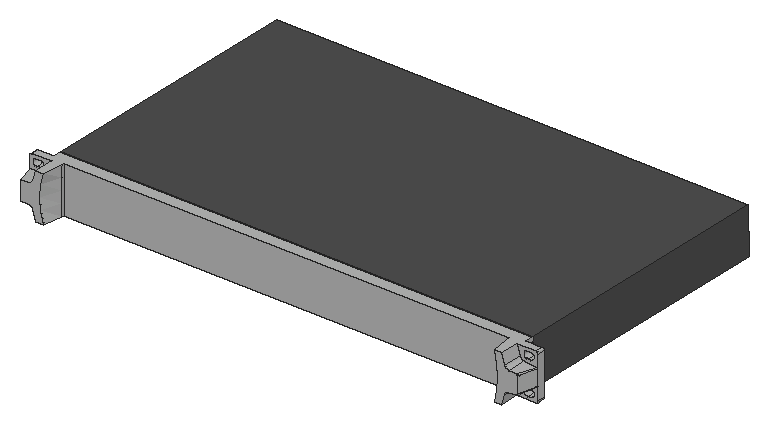
Revit family "DM8008", category Communication Devices, Revit 2020
Family settings
  Maintain Annotation Orientation = No
  Round Connector Dimension = Use Diameter
  Part Type = Normal
  Work Plane-Based = Yes
  Always vertical = No
  Cut with Voids When Loaded = Yes
  Shared = No
  Room Calculation Point = No
Parameters
  Model = "DM8008"
  Manufacturer = "Klark Teknik"
  Default Elevation = 0 mm
Reference planes
  plane 1 "Center (Front/Back)": y = 0
  plane 2: z = 0
  plane 3 "Center (Left/Right)": x = 0
Forms (mm)
  Extrusion 1, solid, material "Aluminium"
    sketch origin (0, 0, 0) x (1, 0, 0) y (0, 0, 1)
      loop
        line (211.182, 43.912) -> (211.182, 0) -> (239.3, 0)
        arc (239.3, 0) -> (240.714, 0.586) -> (241.3, 2) r 2
        line (241.3, 2) -> (241.3, 41.912)
        arc (241.3, 41.912) -> (240.714, 43.327) -> (239.3, 43.912) r 2
        line (239.3, 43.912) -> (211.182, 43.912)
    from 0 to 7
  Blend 2, solid, material "Aluminium"
    base sketch origin (0, 0, 0) x (1, 0, 0) y (0, 0, 1)
      loop
        line (211.182, 0.002) -> (221.174, 0.002) -> (223.887, 9.452)
        arc (223.887, 9.452) -> (225.271, 11.599) -> (227.612, 12.622) r 4.422
        line (227.612, 12.622) -> (240.37, 13.514)
        arc (240.37, 13.514) -> (241.032, 13.83) -> (241.3, 14.511) r 0.999
        line (241.3, 14.511) -> (241.3, 29.403)
        arc (241.3, 29.403) -> (241.032, 30.085) -> (240.37, 30.4) r 0.999
        line (240.37, 30.4) -> (227.612, 31.292)
        arc (227.612, 31.292) -> (225.271, 32.315) -> (223.887, 34.462) r 4.422
        line (223.887, 34.462) -> (221.174, 43.912) -> (211.182, 43.912) -> (211.182, 0.002)
    top sketch origin (0, 0, 0) x (1, 0, 0) y (0, 0, 1)
      loop
        arc (213.996, 43.912) -> (217.745, 21.957) -> (213.996, 0.002) r 66.157
        line (213.996, 0.002) -> (221.174, 0.002) -> (223.887, 9.452)
        arc (223.887, 9.452) -> (225.271, 11.599) -> (227.612, 12.622) r 4.422
        line (227.612, 12.622) -> (235.29, 13.159)
        arc (235.29, 13.159) -> (235.917, 13.439) -> (236.215, 14.057) r 1
        arc (236.215, 14.057) -> (236.609, 21.957) -> (236.216, 29.857) r 79.47
        arc (236.216, 29.857) -> (235.917, 30.475) -> (235.291, 30.755) r 1
        line (235.291, 30.755) -> (227.612, 31.292)
        arc (227.612, 31.292) -> (225.271, 32.315) -> (223.887, 34.462) r 4.422
        line (223.887, 34.462) -> (221.174, 43.912) -> (213.996, 43.912)
    from 7 to 25
  Extrusion 3, void
    sketch origin (0, 0, 0) x (1, 0, 0) y (0, 0, 1)
      loop
        line (231.55, 34.327) -> (234.54, 34.327)
        arc (234.54, 34.327) -> (238.045, 37.832) -> (234.54, 41.337) r 3.505
        line (234.54, 41.337) -> (231.55, 41.337)
        arc (231.55, 41.337) -> (228.045, 37.832) -> (231.55, 34.327) r 3.505
    from 0 to 7
  Extrusion 4, void
    sketch origin (0, 0, 0) x (1, 0, 0) y (0, 0, 1)
      loop
        line (231.55, 2.624) -> (234.54, 2.624)
        arc (234.54, 2.624) -> (238.045, 6.129) -> (234.54, 9.634) r 3.505
        line (234.54, 9.634) -> (231.55, 9.634)
        arc (231.55, 9.634) -> (228.045, 6.129) -> (231.55, 2.624) r 3.505
    from 0 to 7
  Extrusion 5, solid, material "Aluminium"
    sketch origin (0, 0, 0) x (1, 0, 0) y (0, 0, 1)
      loop
        line (211.182, 43.912) -> (-211.182, 43.912) -> (-211.182, 0) -> (211.182, 0) -> (211.182, 43.912)
    from 0 to 4.6
  Extrusion 6, solid, material "Aluminium"
    sketch origin (0, 0, 0) x (-1, 0, 0) y (0, 0, -1)
      loop
        line (211.182, -43.912) -> (239.3, -43.912)
        arc (239.3, -43.912) -> (240.714, -43.327) -> (241.3, -41.912) r 2
        line (241.3, -41.912) -> (241.3, -2)
        arc (241.3, -2) -> (240.714, -0.586) -> (239.3, 0) r 2
        line (239.3, 0) -> (211.182, 0) -> (211.182, -43.912)
    from 0 to 7
  Blend 7, solid, material "Aluminium"
    base sketch origin (0, 0, 0) x (-1, 0, 0) y (0, 0, -1)
      loop
        line (211.182, -0.002) -> (211.182, -43.912) -> (221.174, -43.912) -> (223.887, -34.462)
        arc (223.887, -34.462) -> (225.271, -32.315) -> (227.612, -31.292) r 4.422
        line (227.612, -31.292) -> (240.37, -30.4)
        arc (240.37, -30.4) -> (241.032, -30.085) -> (241.3, -29.403) r 0.999
        line (241.3, -29.403) -> (241.3, -14.511)
        arc (241.3, -14.511) -> (241.032, -13.83) -> (240.37, -13.514) r 0.999
        line (240.37, -13.514) -> (227.612, -12.622)
        arc (227.612, -12.622) -> (225.271, -11.599) -> (223.887, -9.452) r 4.422
        line (223.887, -9.452) -> (221.174, -0.002) -> (211.182, -0.002)
    top sketch origin (0, 0, 0) x (-1, 0, 0) y (0, 0, -1)
      loop
        line (213.996, -43.912) -> (221.174, -43.912) -> (223.887, -34.462)
        arc (223.887, -34.462) -> (225.271, -32.315) -> (227.612, -31.292) r 4.422
        line (227.612, -31.292) -> (235.291, -30.755)
        arc (235.291, -30.755) -> (235.917, -30.475) -> (236.216, -29.857) r 1
        arc (236.216, -29.857) -> (236.609, -21.957) -> (236.215, -14.057) r 79.47
        arc (236.215, -14.057) -> (235.917, -13.439) -> (235.29, -13.159) r 1
        line (235.29, -13.159) -> (227.612, -12.622)
        arc (227.612, -12.622) -> (225.271, -11.599) -> (223.887, -9.452) r 4.422
        line (223.887, -9.452) -> (221.174, -0.002) -> (213.996, -0.002)
        arc (213.996, -0.002) -> (217.745, -21.957) -> (213.996, -43.912) r 66.157
    from 7 to 25
  Extrusion 8, void
    sketch origin (0, 0, 0) x (-1, 0, 0) y (0, 0, -1)
      loop
        arc (231.55, -34.327) -> (228.045, -37.832) -> (231.55, -41.337) r 3.505
        line (231.55, -41.337) -> (234.54, -41.337)
        arc (234.54, -41.337) -> (238.045, -37.832) -> (234.54, -34.327) r 3.505
        line (234.54, -34.327) -> (231.55, -34.327)
    from 0 to 7
  Extrusion 9, void
    sketch origin (0, 0, 0) x (-1, 0, 0) y (0, 0, -1)
      loop
        arc (231.55, -2.624) -> (228.045, -6.129) -> (231.55, -9.634) r 3.505
        line (231.55, -9.634) -> (234.54, -9.634)
        arc (234.54, -9.634) -> (238.045, -6.129) -> (234.54, -2.624) r 3.505
        line (234.54, -2.624) -> (231.55, -2.624)
    from 0 to 7
  Extrusion 10, solid, material "Aluminium"
    sketch origin (0, 0, 0) x (1, 0, 0) y (0, 0, 1)
      loop
        line (-223.996, 0) -> (223.996, 0) -> (223.996, 43.914) -> (-223.996, 43.914) -> (-223.996, 0)
    from 0 to -8
  Extrusion 11, solid, material "Steel, Paint Finish, Black"
    sketch origin (0, 0, 0) x (1, 0, 0) y (0, 0, 1)
      loop
        line (-223.996, 0) -> (223.996, 0) -> (223.996, 43.914) -> (-223.996, 43.914) -> (-223.996, 0)
    from -8 to -264
Cuts and joins
  Extrusion 3, Extrusion 4, Extrusion 8, Extrusion 9 cuts Extrusion 1
  Extrusion 8, Extrusion 9 cuts Extrusion 6
  joined: Extrusion 1, Blend 2, Extrusion 5, Extrusion 6, Blend 7, Extrusion 10
Lines and regions (mm)
  Split face 1
    outline origin (0, -4.6, 0) x (1, 0, 0) y (0, 0, 1)
      loop
        line (211.182, 3.234) -> (99.862, 3.234) -> (99.862, 40.681) -> (211.182, 40.681)
  Split face 2
    outline origin (0, -4.6, 0) x (1, 0, 0) y (0, 0, 1)
      loop
        line (-211.182, 40.681) -> (-99.861, 40.681) -> (-99.861, 3.234) -> (-211.182, 3.234)
  Split face 3
    outline origin (0, -4.6, 0) x (1, 0, 0) y (0, 0, 1)
      loop
        line (-203.762, 38.457) -> (-203.762, 5.457) -> (-101.262, 5.457) -> (-101.262, 38.457) -> (-203.762, 38.457)
  Split face 4
    outline origin (0, -4.6, 0) x (1, 0, 0) y (0, 0, 1)
      loop
        line (101.262, 38.457) -> (101.262, 5.457) -> (203.762, 5.457) -> (203.762, 38.457) -> (101.262, 38.457)
  Split face 5
    outline origin (0, -4.6, 0) x (1, 0, 0) y (0, 0, 1)
      loop
        line (-99.861, 40.681) -> (99.862, 40.681)
  Split face 6
    outline origin (0, -4.6, 0) x (1, 0, 0) y (0, 0, 1)
      loop
        line (99.862, 3.234) -> (-99.861, 3.234)
  Split face 7
    outline origin (-4.7, 264, 4.365) x (1, 0, 0) y (0, 0, 1)
      loop
        line (191.945, 33.85) -> (172.545, 33.85)
        arc (172.545, 33.85) -> (168.656, 32.239) -> (167.045, 28.35) r 5.5
        line (167.045, 28.35) -> (167.045, 16.95)
        arc (167.045, 16.95) -> (168.656, 13.061) -> (172.545, 11.45) r 5.5
        line (172.545, 11.45) -> (191.945, 11.45)
        arc (191.945, 11.45) -> (195.834, 13.061) -> (197.445, 16.95) r 5.5
        line (197.445, 16.95) -> (197.445, 28.35)
        arc (197.445, 28.35) -> (195.834, 32.239) -> (191.945, 33.85) r 5.5
  Split face 8
    outline origin (-4.7, 264, 4.365) x (1, 0, 0) y (0, 0, 1)
      loop
        line (194.056, 26.692) -> (190.288, 30.46)
        arc (190.288, 30.46) -> (189.801, 30.785) -> (189.227, 30.9) r 1.5
        line (189.227, 30.9) -> (175.263, 30.9)
        arc (175.263, 30.9) -> (174.689, 30.785) -> (174.202, 30.46) r 1.5
        line (174.202, 30.46) -> (170.434, 26.692)
        arc (170.434, 26.692) -> (170.109, 26.206) -> (169.995, 25.632) r 1.5
        line (169.995, 25.632) -> (169.995, 17.15)
        arc (169.995, 17.15) -> (170.8, 15.205) -> (172.745, 14.4) r 2.75
        line (172.745, 14.4) -> (191.745, 14.4)
        arc (191.745, 14.4) -> (193.69, 15.205) -> (194.495, 17.15) r 2.75
        line (194.495, 17.15) -> (194.495, 25.632)
        arc (194.495, 25.632) -> (194.381, 26.206) -> (194.056, 26.692) r 1.5
  Split face 9
    outline origin (-4.7, 264, 4.365) x (1, 0, 0) y (0, 0, 1)
      loop
        line (190.245, 22.65) -> (188.245, 22.65) -> (188.245, 18.65) -> (190.245, 18.65) -> (190.245, 22.65)
  Split face 10
    outline origin (-4.7, 264, 4.365) x (1, 0, 0) y (0, 0, 1)
      loop
        line (183.245, 22.65) -> (183.245, 26.65) -> (181.245, 26.65) -> (181.245, 22.65) -> (183.245, 22.65)
  Split face 11
    outline origin (-4.7, 264, 4.365) x (1, 0, 0) y (0, 0, 1)
      loop
        line (176.245, 22.65) -> (174.245, 22.65) -> (174.245, 18.65) -> (176.245, 18.65) -> (176.245, 22.65)
  Split face 12
    outline origin (23.74, 264, 2.227) x (1, 0, 0) y (0, 0, 1)
      loop
        line (111.029, 21.26) -> (78.349, 21.26) -> (78.349, 7.45) -> (111.029, 7.45) -> (111.029, 21.26)
  Split face 13
    outline origin (23.74, 264, 2.227) x (1, 0, 0) y (0, 0, 1)
      loop
        line (109.572, 18.153) -> (96.572, 18.153) -> (96.572, 12.153) -> (99.572, 12.153) -> (99.572, 9.153) -> (101.572, 9.153) -> (101.572, 8.153) -> (104.572, 8.153) -> (104.572, 9.153) -> (106.572, 9.153) -> (106.572, 12.153) -> (109.572, 12.153) -> (109.572, 18.153)
  Split face 14
    outline origin (23.74, 264, 2.227) x (1, 0, 0) y (0, 0, 1)
      loop
        line (92.98, 18.153) -> (79.98, 18.153) -> (79.98, 12.153) -> (82.98, 12.153) -> (82.98, 9.153) -> (84.98, 9.153) -> (84.98, 8.153) -> (87.98, 8.153) -> (87.98, 9.153) -> (89.98, 9.153) -> (89.98, 12.153) -> (92.98, 12.153) -> (92.98, 18.153)
  Split face 15
    outline origin (17.1, 264, 2.774) x (1, 0, 0) y (0, 0, 1)
      loop
        line (69.469, 7.35) -> (69.469, 16.45) -> (66.035, 16.45) -> (66.035, 18.95) -> (63.835, 18.95) -> (63.835, 16.45) -> (59.355, 16.45) -> (59.355, 18.95) -> (57.155, 18.95) -> (57.155, 16.45) -> (50.16, 16.45) -> (50.16, 18.95) -> (47.96, 18.95) -> (47.96, 16.45) -> (43.48, 16.45) -> (43.48, 18.95) -> (41.28, 18.95) -> (41.28, 16.45) -> (37.846, 16.45) -> (37.846, 7.35) -> (69.469, 7.35)
  Split face 16
    outline origin (17.1, 264, 2.774) x (1, 0, 0) y (0, 0, 1)
      loop
        line (33.909, 7.35) -> (33.909, 16.45) -> (30.475, 16.45) -> (30.475, 18.95) -> (28.275, 18.95) -> (28.275, 16.45) -> (23.795, 16.45) -> (23.795, 18.95) -> (21.595, 18.95) -> (21.595, 16.45) -> (14.6, 16.45) -> (14.6, 18.95) -> (12.4, 18.95) -> (12.4, 16.45) -> (7.92, 16.45) -> (7.92, 18.95) -> (5.72, 18.95) -> (5.72, 16.45) -> (2.286, 16.45) -> (2.286, 7.35) -> (33.909, 7.35)
  Split face 17
    outline origin (17.1, 264, 2.774) x (1, 0, 0) y (0, 0, 1)
      loop
        line (-1.651, 7.35) -> (-1.651, 16.45) -> (-5.085, 16.45) -> (-5.085, 18.95) -> (-7.285, 18.95) -> (-7.285, 16.45) -> (-11.765, 16.45) -> (-11.765, 18.95) -> (-13.965, 18.95) -> (-13.965, 16.45) -> (-20.96, 16.45) -> (-20.96, 18.95) -> (-23.16, 18.95) -> (-23.16, 16.45) -> (-27.64, 16.45) -> (-27.64, 18.95) -> (-29.84, 18.95) -> (-29.84, 16.45) -> (-33.274, 16.45) -> (-33.274, 7.35) -> (-1.651, 7.35)
  Split face 18
    outline origin (17.1, 264, 2.774) x (1, 0, 0) y (0, 0, 1)
      loop
        line (-37.211, 7.35) -> (-37.211, 16.45) -> (-40.645, 16.45) -> (-40.645, 18.95) -> (-42.845, 18.95) -> (-42.845, 16.45) -> (-47.325, 16.45) -> (-47.325, 18.95) -> (-49.525, 18.95) -> (-49.525, 16.45) -> (-56.52, 16.45) -> (-56.52, 18.95) -> (-58.72, 18.95) -> (-58.72, 16.45) -> (-63.2, 16.45) -> (-63.2, 18.95) -> (-65.4, 18.95) -> (-65.4, 16.45) -> (-68.834, 16.45) -> (-68.834, 7.35) -> (-37.211, 7.35)
  Split face 19
    outline origin (17.1, 264, 2.774) x (1, 0, 0) y (0, 0, 1)
      loop
        line (69.215, 16.15) -> (53.975, 16.15) -> (53.975, 9.843)
        arc (53.975, 9.843) -> (56.515, 9.15) -> (59.055, 9.843) r 5
        arc (59.055, 9.843) -> (61.595, 9.15) -> (64.135, 9.843) r 5
        arc (64.135, 9.843) -> (66.675, 9.15) -> (69.215, 9.843) r 5
        line (69.215, 9.843) -> (69.215, 16.15)
  Split face 20
    outline origin (17.1, 264, 2.774) x (1, 0, 0) y (0, 0, 1)
      loop
        line (53.34, 16.15) -> (38.1, 16.15) -> (38.1, 9.843)
        arc (38.1, 9.843) -> (40.64, 9.15) -> (43.18, 9.843) r 5
        arc (43.18, 9.843) -> (45.72, 9.15) -> (48.26, 9.843) r 5
        arc (48.26, 9.843) -> (50.8, 9.15) -> (53.34, 9.843) r 5
        line (53.34, 9.843) -> (53.34, 16.15)
  Split face 21
    outline origin (17.1, 264, 2.774) x (1, 0, 0) y (0, 0, 1)
      loop
        line (33.655, 16.15) -> (18.415, 16.15) -> (18.415, 9.843)
        arc (18.415, 9.843) -> (20.955, 9.15) -> (23.495, 9.843) r 5
        arc (23.495, 9.843) -> (26.035, 9.15) -> (28.575, 9.843) r 5
        arc (28.575, 9.843) -> (31.115, 9.15) -> (33.655, 9.843) r 5
        line (33.655, 9.843) -> (33.655, 16.15)
  Split face 22
    outline origin (17.1, 264, 2.774) x (1, 0, 0) y (0, 0, 1)
      loop
        line (17.78, 16.15) -> (2.54, 16.15) -> (2.54, 9.843)
        arc (2.54, 9.843) -> (5.08, 9.15) -> (7.62, 9.843) r 5
        arc (7.62, 9.843) -> (10.16, 9.15) -> (12.7, 9.843) r 5
        arc (12.7, 9.843) -> (15.24, 9.15) -> (17.78, 9.843) r 5
        line (17.78, 9.843) -> (17.78, 16.15)
  Split face 23
    outline origin (17.1, 264, 2.774) x (1, 0, 0) y (0, 0, 1)
      loop
        line (-1.905, 16.15) -> (-17.145, 16.15) -> (-17.145, 9.843)
        arc (-17.145, 9.843) -> (-14.605, 9.15) -> (-12.065, 9.843) r 5
        arc (-12.065, 9.843) -> (-9.525, 9.15) -> (-6.985, 9.843) r 5
        arc (-6.985, 9.843) -> (-4.445, 9.15) -> (-1.905, 9.843) r 5
        line (-1.905, 9.843) -> (-1.905, 16.15)
  Split face 24
    outline origin (17.1, 264, 2.774) x (1, 0, 0) y (0, 0, 1)
      loop
        line (-17.78, 16.15) -> (-33.02, 16.15) -> (-33.02, 9.843)
        arc (-33.02, 9.843) -> (-30.48, 9.15) -> (-27.94, 9.843) r 5
        arc (-27.94, 9.843) -> (-25.4, 9.15) -> (-22.86, 9.843) r 5
        arc (-22.86, 9.843) -> (-20.32, 9.15) -> (-17.78, 9.843) r 5
        line (-17.78, 9.843) -> (-17.78, 16.15)
  Split face 25
    outline origin (17.1, 264, 2.774) x (1, 0, 0) y (0, 0, 1)
      loop
        line (-37.465, 16.15) -> (-52.705, 16.15) -> (-52.705, 9.843)
        arc (-52.705, 9.843) -> (-50.165, 9.15) -> (-47.625, 9.843) r 5
        arc (-47.625, 9.843) -> (-45.085, 9.15) -> (-42.545, 9.843) r 5
        arc (-42.545, 9.843) -> (-40.005, 9.15) -> (-37.465, 9.843) r 5
        line (-37.465, 9.843) -> (-37.465, 16.15)
  Split face 26
    outline origin (17.1, 264, 2.774) x (1, 0, 0) y (0, 0, 1)
      loop
        line (-53.34, 16.15) -> (-68.58, 16.15) -> (-68.58, 9.843)
        arc (-68.58, 9.843) -> (-66.04, 9.15) -> (-63.5, 9.843) r 5
        arc (-63.5, 9.843) -> (-60.96, 9.15) -> (-58.42, 9.843) r 5
        arc (-58.42, 9.843) -> (-55.88, 9.15) -> (-53.34, 9.843) r 5
        line (-53.34, 9.843) -> (-53.34, 16.15)
  Split face 27
    outline origin (211.091, -4.6, 43.934) x (0, 0, 1) y (-1, 0, 0)
      loop
        circle (-22.344, 125.392) r 4.753
  Split face 28
    outline origin (0, 264, 0) x (1, 0, 0) y (0, 0, 1)
      loop
        line (-59.16, 19.98) -> (-68.466, 19.98) -> (-68.466, 15.298) -> (-59.16, 15.298) -> (-59.16, 19.98)
  Split face 29
    outline origin (0, 264, 0) x (1, 0, 0) y (0, 0, 1)
      loop
        line (-59.549, 15.614) -> (-59.549, 19.7) -> (-64.663, 19.7) -> (-64.663, 15.614) -> (-59.549, 15.614)
Dimensions and locks
  aligned and locked: level to plane 2
Connectors
  electrical at (-43.86, 264, 14.719)
    settings: on Extrusion 11, index 9, voltage 0 V, apparent load 0 VA, apparent load phase1 0 VA, apparent load phase2 0 VA, apparent load phase3 0 VA, power factor 1, load classification "Other", number of poles 1, system type 14, power factor state 1, is connector primary yes, connector utility no, sub classification motor no, connector description "Analog Out - 3pin"
  electrical at (-27.985, 264, 14.719)
    settings: on Extrusion 11, index 10, voltage 0 V, apparent load 0 VA, apparent load phase1 0 VA, apparent load phase2 0 VA, apparent load phase3 0 VA, power factor 1, load classification "Other", number of poles 1, system type 14, power factor state 1, is connector primary no, connector utility no, sub classification motor no, connector description "Analog Out - 3pin"
  electrical at (-8.3, 264, 14.719)
    settings: on Extrusion 11, index 11, voltage 0 V, apparent load 0 VA, apparent load phase1 0 VA, apparent load phase2 0 VA, apparent load phase3 0 VA, power factor 1, load classification "Other", number of poles 1, system type 14, power factor state 1, is connector primary no, connector utility no, sub classification motor no, connector description "Analog Out - 3pin"
  electrical at (7.575, 264, 14.719)
    settings: on Extrusion 11, index 12, voltage 0 V, apparent load 0 VA, apparent load phase1 0 VA, apparent load phase2 0 VA, apparent load phase3 0 VA, power factor 1, load classification "Other", number of poles 1, system type 14, power factor state 1, is connector primary no, connector utility no, sub classification motor no, connector description "Analog Out - 3pin"
  electrical at (27.26, 264, 14.719)
    settings: on Extrusion 11, index 13, voltage 0 V, apparent load 0 VA, apparent load phase1 0 VA, apparent load phase2 0 VA, apparent load phase3 0 VA, power factor 1, load classification "Other", number of poles 1, system type 14, power factor state 1, is connector primary no, connector utility no, sub classification motor no, connector description "Analog Out - 3pin"
  electrical at (43.135, 264, 14.719)
    settings: on Extrusion 11, index 14, voltage 0 V, apparent load 0 VA, apparent load phase1 0 VA, apparent load phase2 0 VA, apparent load phase3 0 VA, power factor 1, load classification "Other", number of poles 1, system type 14, power factor state 1, is connector primary no, connector utility no, sub classification motor no, connector description "Analog Out - 3pin"
  electrical at (62.82, 264, 14.719)
    settings: on Extrusion 11, index 15, voltage 0 V, apparent load 0 VA, apparent load phase1 0 VA, apparent load phase2 0 VA, apparent load phase3 0 VA, power factor 1, load classification "Other", number of poles 1, system type 14, power factor state 1, is connector primary no, connector utility no, sub classification motor no, connector description "Analog Out - 3pin"
  electrical at (78.695, 264, 14.719)
    settings: on Extrusion 11, index 16, voltage 0 V, apparent load 0 VA, apparent load phase1 0 VA, apparent load phase2 0 VA, apparent load phase3 0 VA, power factor 1, load classification "Other", number of poles 1, system type 14, power factor state 1, is connector primary no, connector utility no, sub classification motor no, connector description "Analog Out - 3pin"
  electrical at (177.545, 264, 28.57)
    settings: on Extrusion 11, index 23, voltage 120 V, apparent load 0 VA, apparent load phase1 0 VA, apparent load phase2 0 VA, apparent load phase3 0 VA, power factor 1, load classification "Other", number of poles 1, system type 31, power factor state 1, is connector primary no, connector utility no, sub classification motor no, connector description "100-240VAC IEC"
  electrical at (126.812, 264, 13.713)
    settings: on Extrusion 11, index 24, voltage 0 V, apparent load 0 VA, apparent load phase1 0 VA, apparent load phase2 0 VA, apparent load phase3 0 VA, power factor 1, load classification "Other", number of poles 1, system type 14, power factor state 1, is connector primary no, connector utility no, sub classification motor no, connector description "Ultranet - RJ45"
  electrical at (110.219, 264, 13.713)
    settings: on Extrusion 11, index 25, voltage 0 V, apparent load 0 VA, apparent load phase1 0 VA, apparent load phase2 0 VA, apparent load phase3 0 VA, power factor 1, load classification "Other", number of poles 1, system type 14, power factor state 1, is connector primary no, connector utility no, sub classification motor no, connector description "Ultranet - RJ45"
